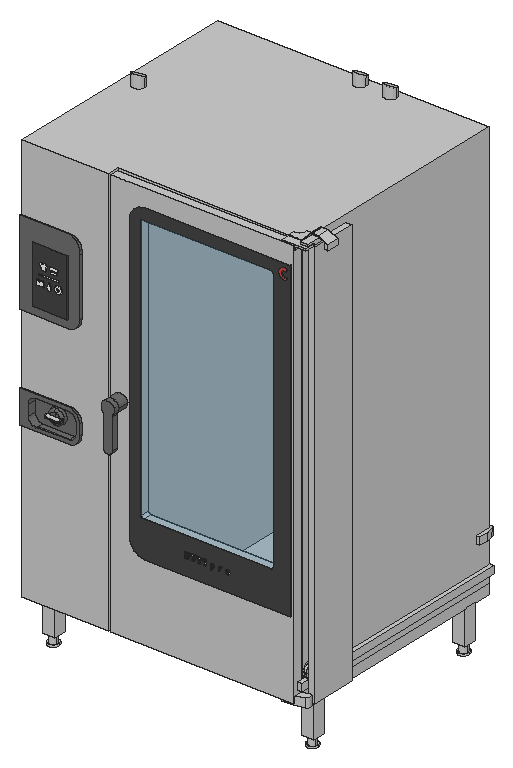
Revit family "QF_WELBILT-CONVOTHERM_CMX-PRO-ET-20-20-ES.240522042842", category Specialty Equipment, Revit 2020
Family settings
  Round Connector Dimension = Use Diameter
  Part Type = Normal
  OmniClass Number = 23.40.40.14
  OmniClass Title = Food Service Equipment
  Work Plane-Based = No
  Always vertical = Yes
  Cut with Voids When Loaded = No
  Shared = No
  Room Calculation Point = No
Parameters (values of type "CMX-PRO-ET-20-20-ES-DD_400V/3Ph/50Hz")
  Weight = 331.00 kg
  Waste Remarks [instance] = ""
  Volts = 400 V
  URL Cutsheet = ""
  URL = "www.convotherm.com"
  Status [instance] = ""
  Specification by User [instance] = ""
  Specification by Manufacturer [instance] = ""
  Serial Number = ""
  Seismic Rating = ""
  SMACNA No = ""
  Revision Code [instance] = ""
  Phase = 3
  Number of Poles = 1
  NAFEM Spec ID Number = ""
  Model = "CMX-PRO-ET-20-20-ES"
  Min Ckt Ampacity = 0 A
  Max Overcurrent Protection = 0 A
  Masterspec = ""
  Manufacturer = "WELBILT-CONVOTHERM"
  Length Actual = 1135 mm
  Item Number [instance] = ""
  Installed By [instance] = ""
  Indirect Waste Size = 25.4 mm
  Indirect Waste Connection Type [instance] = ""
  Indirect Waste Connection Height [instance] = 220 mm
  Identify Quantity as Lot [instance] = no
  Height Actual = 1934 mm
  HP power = ""
  Furnished By [instance] = ""
  Foodservice Equipment Identifier [instance] = no
  FL Amps = 97.3 A
  Electric power = 67300 W
  Electric Connection Type [instance] = ""
  Elec Conn RI Height [instance] = 0 mm
  Elec Conn Connection Height [instance] = 220 mm
  Direct Waste RI Height [instance] = 0 mm
  Description = "COMBI OVEN MAXX PRO EASYTOUCH 20 SHELVES GN 2/1 - DISAPPEARING DOOR - ELECTRIC INJECTION"
  Depth Actual = 1020 mm
  Default Elevation = 0 mm
  Cycle = 50 Hz
  Cost = 0
  Conn Plug = ""
  Conn Conduit = no
  Cold Water Temperature Recommended = 0 °C
  Cold Water Size = 19.05 mm
  Cold Water Flow = 0.0 L/s
  Cold Water Connection Height [instance] = 220 mm
  CSI MasterFormat = ""
  Apparent Power = 67300 VA
  Accessory = no
Reference planes
  plane 1 "Center (Front/Back)": y = 0
  plane 2: z = 0
  plane 3 "Center (Left/Right)": x = 0
Forms (mm)
  Extrusion 1, solid, not visible
    sketch origin (124, -600, 222) x (1, 0, 0) y (0, 1, 0)
      loop
        line (0, 0) -> (2, 0) -> (2, 2) -> (0, 2) -> (0, 0)
    from 0 to 2
  Extrusion 2, solid, not visible
    sketch origin (301, -405, 222) x (1, 0, 0) y (0, 1, 0)
      loop
        line (0, 0) -> (2, 0) -> (2, 2) -> (0, 2) -> (0, 0)
    from 0 to 2
  Extrusion 3, solid, not visible
    sketch origin (104, -362, 222) x (1, 0, 0) y (0, 1, 0)
      loop
        line (0, 0) -> (2, 0) -> (2, 2) -> (0, 2) -> (0, 0)
    from 0 to 2
Dimensions and locks
  aligned and locked: level to plane 2
Nested families
  nested 1: "QF_WELBILT-CONVOTHERM_CMX-PRO-ET-20-20-ES-DD_400V_3Ph_50Hz" at (0, 0, 0), type "CMX-PRO-ET-20-20-ES-DD_400V/3Ph/50Hz"
    with Show Logo yes, Show Clearance yes
Connectors
  electrical at (125, -599, 222), driven by "Apparent Power", driven by "Number of Poles", driven by "Volts"
    settings: on Extrusion 1, index 1, voltage 400 V, apparent load 0 VA, apparent load phase1 67300 VA, apparent load phase2 0 VA, apparent load phase3 0 VA, power factor 1, load classification "Other", number of poles 1, system type 31, power factor state 1, is connector primary yes, connector utility no, sub classification motor no, connector description "Electric connection for 'CMX-PRO-ET-20-20-ES'"
  piping at (302, -404, 222), diameter 25.4, driven by "Indirect Waste Size"
    settings: on Extrusion 2, index 2, connector inside diameter 609.6 mm, connector length 0 mm, flow factor 0, pipe flow 0.0 L/s, pressure drop 0.0 Pa, fitting loss kfactor 0, connector angle 0.00°, fixture units 0, engagement length 0 mm, angle of deflection 0.00°, flow configuration 1, flow direction 2, fitting loss method 0, system type 16, joint type 0, gender type 0, connector reference index -1, connector utility 0, adjustable connector no, is connector primary yes, connector description "Drain connection for 'CMX-PRO-ET-20-20-ES'"
  piping at (105, -361, 222), diameter 19.05, driven by "Cold Water Size", driven by "Cold Water Flow"
    settings: on Extrusion 3, index 3, connector inside diameter 609.6 mm, connector length 0 mm, flow factor 0, pipe flow 0.0 L/s, pressure drop 0.0 Pa, fitting loss kfactor 0, connector angle 0.00°, fixture units 0, engagement length 0 mm, angle of deflection 0.00°, flow configuration 1, flow direction 1, fitting loss method 0, system type 20, joint type 0, gender type 0, connector reference index -1, connector utility 0, adjustable connector no, is connector primary no, connector description "Cold Water connection for 'CMX-PRO-ET-20-20-ES'"
Definition of nested family "QF_WELBILT-CONVOTHERM_CMX-PRO-ET-20-20-ES-DD_400V_3Ph_50Hz"
  Parameters (values of type "CMX-PRO-ET-20-20-ES-DD_400V/3Ph/50Hz")
    URL = "www.convotherm.com"
    Show Logo [instance] = yes
    Show Clearance [instance] = yes
    Model = "CMX-PRO-ET-20-20-ES"
    Manufacturer = "WELBILT-CONVOTHERM"
    Description = "COMBI OVEN MAXX PRO EASYTOUCH 20 SHELVES GN 2/1 - DISAPPEARING DOOR - ELECTRIC INJECTION"
    Default Elevation = 0 mm
    Assembly Code = "E1090320"
  Types (2, lengths in mm): name | Model | Description
    CMX-PRO-ET-20-20-EB-DD | "CMX-PRO-ET-20-20-EB" | "COMBI OVEN MAXX PRO EASYTOUCH 20 SHELVES GN 2/1 - DISAPPEARING DOOR - ELECTRIC BOILER"
    CMX-PRO-ET-20-20-ES-DD_400V/3Ph/50Hz | "CMX-PRO-ET-20-20-ES" | "COMBI OVEN MAXX PRO EASYTOUCH 20 SHELVES GN 2/1 - DISAPPEARING DOOR - ELECTRIC INJECTION"
  Reference planes
    plane 1 "Back": y = 0
    plane 2: z = 0
    plane 3 "Left": x = 0
    plane 4 "Right": x = 1135
    plane 5 "Front": y = -1020
    plane 6 "Top": z = 1934
  Forms (mm)
    Extrusion 1, solid
      sketch origin (0, 0, 96) x (0, 1, 0) y (0, 0, 1)
        loop
          line (0, 1838) -> (-69, 1838) -> (-69, 126) -> (0, 126) -> (0, 1838)
      from 0 to 1135
    Extrusion 2, solid
      sketch origin (621, -433, 142.161) x (1, 0, 0) y (0, 0, 1)
        loop
          line (-250, 1791.839) -> (-250, 79.839) -> (514, 79.839) -> (514, 1791.839) -> (-250, 1791.839)
        loop
          arc (-115, 1670.132) -> (-122.071, 1667.203) -> (-125, 1660.132) r 10
          line (-125, 1660.132) -> (-125, 559.207)
          arc (-125, 559.207) -> (-122.071, 552.136) -> (-115, 549.207) r 10
          line (-115, 549.207) -> (419, 549.207)
          arc (419, 549.207) -> (426.071, 552.136) -> (429, 559.207) r 10
          line (429, 559.207) -> (429, 1660.132)
          arc (429, 1660.132) -> (426.071, 1667.203) -> (419, 1670.132) r 10
          line (419, 1670.132) -> (-115, 1670.132)
      from 550 to 587
    Extrusion 3, solid
      sketch origin (621, -423, 1162.455) x (1, 0, 0) y (0, 0, 1)
        loop
          arc (-115, 649.839) -> (-122.071, 646.91) -> (-125, 639.839) r 10
          line (-125, 639.839) -> (-125, -461.086)
          arc (-125, -461.086) -> (-122.071, -468.157) -> (-115, -471.086) r 10
          line (-115, -471.086) -> (419, -471.086)
          arc (419, -471.086) -> (426.071, -468.157) -> (429, -461.086) r 10
          line (429, -461.086) -> (429, 639.839)
          arc (429, 639.839) -> (426.071, 646.91) -> (419, 649.839) r 10
          line (419, 649.839) -> (-115, 649.839)
      from 560 to 597
    Extrusion 4, solid
      sketch origin (538.754, 250.154, 1299.45) x (1, 0, 0) y (0, 1, 0)
        loop
          circle (88.246, -288.147) r 25
      from 634.55 to 684.55
    Extrusion 5, solid, visible <- "Show Logo"
      sketch origin (608.278, -419.7, 1383.603) x (1, 0, 0) y (0, 0, 1)
        loop
          line (496.472, 442.836) -> (496.472, 452.836)
          arc (496.472, 452.836) -> (465.307, 432.836) -> (496.472, 412.836) r 22
          line (496.472, 412.836) -> (496.472, 422.836)
          arc (496.472, 422.836) -> (477.839, 432.836) -> (496.472, 442.836) r 12
      from 599 to 601
    Extrusion 6, void
      sketch origin (495, 28.007, 1307) x (0, 1, 0) y (0, 0, 1)
        loop
          line (-40.997, 682) -> (-101.661, 682) -> (-40.997, 653.55) -> (-40.997, 682)
      from 106.55 to 160
    Extrusion 7, solid
      sketch origin (0, -1022, 122) x (-1, 0, 0) y (0, 0, 1)
        loop
          line (0, 1812) -> (-361, 1812) -> (-361, 100) -> (0, 100) -> (0, 1812)
      from 2 to 49
    Extrusion 8, solid
      sketch origin (260, -1020.5, 1142.293) x (-1, 0, 0) y (0, 0, 1)
        loop
          line (-863, 715.8) -> (-863, -599.2) -> (-252.2, -599.2)
          arc (-252.2, -599.2) -> (-208.359, -581.041) -> (-190.2, -537.2) r 62
          line (-190.2, -537.2) -> (-190.2, 653.753)
          arc (-190.2, 653.753) -> (-208.373, 697.627) -> (-252.247, 715.8) r 62.047
          line (-252.247, 715.8) -> (-863, 715.8)
        loop
          arc (-780, 670) -> (-787.071, 667.071) -> (-790, 660) r 10
          line (-790, 660) -> (-790, -440.925)
          arc (-790, -440.925) -> (-787.071, -447.996) -> (-780, -450.925) r 10
          line (-780, -450.925) -> (-246, -450.925)
          arc (-246, -450.925) -> (-238.929, -447.996) -> (-236, -440.925) r 10
          line (-236, -440.925) -> (-236, 660)
          arc (-236, 660) -> (-238.929, 667.071) -> (-246, 670) r 10
          line (-246, 670) -> (-780, 670)
      from 0 to 2
    Extrusion 9, solid
      sketch origin (-428.638, -446.526, 1166.547) x (0, 0, 1) y (-1, 0, 0)
        loop
          line (406.44, -478.638) -> (166.44, -478.638) -> (166.44, -623.042) -> (406.44, -623.042) -> (406.44, -478.638)
      from 580.124 to 582.124
    Extrusion 10, solid
      sketch origin (-39.218, -1026.85, -393.128) x (0, 0, -1) y (1, 0, 0)
        loop
          circle (-1823.457, 196.933) r 15
        loop
          circle (-1823.457, 196.933) r 5
        loop
          line (-1832, 105.461) -> (-1812, 105.461)
          arc (-1812, 105.461) -> (-1814.476, 112.961) -> (-1812, 120.461) r 12.599
          arc (-1812, 120.461) -> (-1814.331, 127.961) -> (-1812, 135.461) r 13.23
          line (-1812, 135.461) -> (-1832, 135.461)
          arc (-1832, 135.461) -> (-1833.917, 127.433) -> (-1829.5, 120.461) r 10.608
          arc (-1829.5, 120.461) -> (-1833.694, 113.452) -> (-1832, 105.461) r 11.176
        loop
          line (-1886.763, 126.478) -> (-1874.888, 126.478) -> (-1874.888, 143.353) -> (-1886.763, 143.353)
          arc (-1886.763, 143.353) -> (-1899.276, 145.695) -> (-1897.911, 133.038) r 7.931
          arc (-1897.911, 133.038) -> (-1896.65, 122.428) -> (-1886.763, 126.478) r 6.712
        loop
          line (-1897.084, 162.209) -> (-1887.084, 162.209) -> (-1887.084, 194.695) -> (-1897.084, 194.695) -> (-1897.084, 162.209)
        loop
          line (-1881.943, 166.339) -> (-1874.888, 166.339) -> (-1874.888, 189.464) -> (-1881.943, 189.464) -> (-1881.943, 166.339)
        loop
          line (-1857.166, 113.206) -> (-1852.166, 113.206) -> (-1852.166, 198.206) -> (-1857.166, 198.206) -> (-1857.166, 113.206)
        loop
          line (-1837.069, 158.906) -> (-1821.106, 151.462)
          arc (-1821.106, 151.462) -> (-1809.423, 158.906) -> (-1821.106, 166.349) r 8.213
          line (-1821.106, 166.349) -> (-1837.069, 158.906)
      from 0 to 2
    Extrusion 11, solid
      sketch origin (-21.246, -207.853, 1299.45) x (1, 0, 0) y (0, 1, 0)
        loop
          circle (88.246, -288.147) r 25
      from 634.55 to 684.55
    Extrusion 12, void
      sketch origin (-65, -430, 1307) x (0, 1, 0) y (0, 0, 1)
        loop
          line (-40.997, 682) -> (-101.661, 682) -> (-40.997, 653.55) -> (-40.997, 682)
      from 106.55 to 160
    Extrusion 13, solid, visible <- "Show Clearance", detail levels coarse
      sketch origin (259, -226, 122) x (1, 0, 0) y (0, 1, 0)
        loop
          line (876, -794) -> (112, -794)
          arc (112, -794) -> (335.77, -1334.23) -> (876, -1558) r 764
          line (876, -1558) -> (876, -794)
      from 100 to 1812
    Extrusion 14, solid, visible <- "Show Clearance", detail levels coarse
      sketch origin (0, 0, 1020.837) x (1, 0, 0) y (0, 1, 0)
        loop
          line (1185, 50) -> (-50, 50) -> (-50, -1020) -> (0, -1020) -> (0, 0) -> (1135, 0) -> (1135, -1020) -> (1185, -1020) -> (1185, 50)
      from -1020.837 to 913.163
    Extrusion 15, solid
      sketch origin (401.711, -455, 812.309) x (1, 0, 0) y (0, 0, 1)
        loop
          arc (-10.176, 136.991) -> (9.289, 117.635) -> (28.753, 136.991) r 19.465
          line (28.753, 136.991) -> (28.753, 265.447)
          arc (28.753, 265.447) -> (29.337, 268.813) -> (31.019, 271.786) r 9.998
          arc (31.019, 271.786) -> (9.289, 317.699) -> (-12.442, 271.786) r 28.099
          arc (-12.442, 271.786) -> (-10.759, 268.813) -> (-10.176, 265.447) r 9.998
          line (-10.176, 265.447) -> (-10.176, 136.991)
      from 611 to 630
    Extrusion 16, solid
      sketch origin (376.711, -428, 809.017) x (1, 0, 0) y (0, 0, 1)
        loop
          circle (34.289, 292.891) r 28.099
      from 592 to 638
    Extrusion 17, solid
      sketch origin (0, -1022.2, 962.518) x (-1, 0, 0) y (0, 0, 1)
        loop
          line (4, 692) -> (-199.45, 692)
          arc (-199.45, 692) -> (-233.073, 678.073) -> (-247, 644.45) r 47.55
          line (-247, 644.45) -> (-247, 632) -> (-247, 386.55)
          arc (-247, 386.55) -> (-233.073, 352.927) -> (-199.45, 339) r 47.55
          line (-199.45, 339) -> (4, 339) -> (4, 692)
      from -5.45 to 30.55
    Extrusion 18, solid, visible <- "Show Logo"
      sketch origin (151.074, -1021, 492.827) x (-1, 0, 0) y (0, 0, 1)
        loop
          line (-528.137, 127.552) -> (-530.011, 127.552) -> (-530.348, 126.074)
          arc (-530.348, 126.074) -> (-533.867, 127.761) -> (-537.387, 126.074) r 4.515
          arc (-537.387, 126.074) -> (-541.947, 127.505) -> (-544.743, 123.629) r 4.084
          line (-544.743, 123.629) -> (-544.743, 116.284) -> (-542.349, 116.284) -> (-542.349, 123.232)
          arc (-542.349, 123.232) -> (-539.99, 125.59) -> (-537.632, 123.232) r 2.358
          line (-537.632, 123.232) -> (-537.632, 116.284) -> (-535.228, 116.284) -> (-535.228, 123.232)
          arc (-535.228, 123.232) -> (-532.879, 125.58) -> (-530.531, 123.232) r 2.348
          line (-530.531, 123.232) -> (-530.531, 116.284) -> (-528.137, 116.284) -> (-528.137, 127.552)
        loop
          arc (-560.96, 126.777) -> (-563.601, 127.667) -> (-566.387, 127.637) r 8.338
          arc (-566.387, 127.637) -> (-568.587, 126.318) -> (-569.365, 123.874) r 3.628
          line (-569.365, 123.874) -> (-569.365, 116.284) -> (-567.653, 116.284) -> (-567.175, 117.853)
          arc (-567.175, 117.853) -> (-565.463, 116.5) -> (-563.335, 116.017) r 4.933
          arc (-563.335, 116.017) -> (-560.862, 117.042) -> (-559.838, 119.515) r 3.498
          arc (-559.838, 119.515) -> (-560.769, 121.724) -> (-562.869, 122.881) r 3.655
          arc (-562.869, 122.881) -> (-564.937, 123.13) -> (-567.021, 123.172) r 20.914
          arc (-567.021, 123.172) -> (-566.618, 125.022) -> (-564.92, 125.86) r 2.182
          arc (-564.92, 125.86) -> (-563.277, 125.666) -> (-561.734, 125.066) r 6.53
          line (-561.734, 125.066) -> (-560.96, 126.777)
        loop
          line (-566.971, 121.663) -> (-566.971, 120.653)
          arc (-566.971, 120.653) -> (-565.555, 118.263) -> (-562.778, 118.357) r 2.725
          arc (-562.778, 118.357) -> (-562.249, 119.77) -> (-563.061, 121.043) r 1.69
          arc (-563.061, 121.043) -> (-563.851, 121.394) -> (-564.704, 121.544) r 3.557
          line (-564.704, 121.544) -> (-566.971, 121.663)
        loop
          line (-583.952, 127.552) -> (-586.682, 127.552) -> (-589.25, 123.609) -> (-591.837, 127.552) -> (-594.547, 127.552) -> (-590.757, 122.04) -> (-594.741, 116.284) -> (-592.031, 116.284) -> (-589.25, 120.502) -> (-586.479, 116.284) -> (-583.769, 116.284) -> (-587.732, 122.04) -> (-583.952, 127.552)
        loop
          line (-607.963, 127.552) -> (-610.693, 127.552) -> (-613.26, 123.609) -> (-615.848, 127.552) -> (-618.558, 127.552) -> (-614.768, 122.04) -> (-618.752, 116.284) -> (-616.042, 116.284) -> (-613.26, 120.502) -> (-610.489, 116.284) -> (-607.779, 116.284) -> (-611.742, 122.04) -> (-607.963, 127.552)
        loop
          line (-636.435, 132.059) -> (-639.145, 132.059) -> (-639.689, 130.03)
          arc (-639.689, 130.03) -> (-644.361, 132.339) -> (-649.091, 130.15) r 6.037
          arc (-649.091, 130.15) -> (-650.678, 124.151) -> (-649.091, 118.152) r 12.127
          arc (-649.091, 118.152) -> (-644.439, 115.999) -> (-639.787, 118.152) r 6.101
          line (-639.787, 118.152) -> (-639.787, 109.266) -> (-636.435, 109.266) -> (-636.435, 132.059)
        loop
          arc (-640.707, 128.436) -> (-643.521, 129.607) -> (-646.244, 128.239) r 3.656
          arc (-646.244, 128.239) -> (-647.304, 124.134) -> (-646.244, 120.028) r 8.478
          arc (-646.244, 120.028) -> (-643.478, 118.728) -> (-640.707, 120.019) r 3.605
          arc (-640.707, 120.019) -> (-639.746, 124.228) -> (-640.707, 128.436) r 9.697
        loop
          line (-672.161, 132.059) -> (-674.786, 132.059) -> (-675.228, 129.277)
          arc (-675.228, 129.277) -> (-678.007, 131.919) -> (-681.831, 132.201) r 5.699
          line (-681.831, 132.201) -> (-681.499, 129.039)
          arc (-681.499, 129.039) -> (-677.382, 128.276) -> (-675.513, 124.528) r 4.693
          line (-675.513, 124.528) -> (-675.513, 116.284) -> (-672.161, 116.284) -> (-672.161, 132.059)
        loop
          arc (-701.668, 128.856) -> (-708.102, 132.336) -> (-714.536, 128.856) r 7.688
          arc (-714.536, 128.856) -> (-715.716, 123.509) -> (-713.81, 118.375) r 9.693
          arc (-713.81, 118.375) -> (-708.258, 115.93) -> (-702.705, 118.375) r 7.526
          arc (-702.705, 118.375) -> (-700.886, 123.487) -> (-701.668, 128.856) r 11.265
        loop
          arc (-705.156, 128.208) -> (-708.205, 129.601) -> (-711.253, 128.208) r 4.032
          arc (-711.253, 128.208) -> (-712.176, 124.281) -> (-711.253, 120.354) r 8.822
          arc (-711.253, 120.354) -> (-708.251, 118.678) -> (-705.156, 120.174) r 3.725
          arc (-705.156, 120.174) -> (-704.233, 124.191) -> (-705.156, 128.208) r 9.2
        loop
          arc (-532.682, 137.519) -> (-530.724, 137.866) -> (-529.296, 136.484) r 2.184
          arc (-529.296, 136.484) -> (-529.141, 134.97) -> (-529.666, 133.541) r 3.38
          arc (-529.666, 133.541) -> (-531.195, 132.902) -> (-532.824, 133.209) r 2.886
          line (-532.824, 133.209) -> (-532.824, 132.27)
          arc (-532.824, 132.27) -> (-530.712, 132.004) -> (-528.755, 132.842) r 4.064
          arc (-528.755, 132.842) -> (-527.999, 134.996) -> (-528.348, 137.252) r 4.701
          arc (-528.348, 137.252) -> (-530.48, 138.773) -> (-533.076, 138.431) r 3.573
          line (-533.076, 138.431) -> (-532.682, 137.519)
        loop
          arc (-537.479, 137.982) -> (-539.805, 138.908) -> (-542.133, 137.986) r 3.392
          arc (-542.133, 137.986) -> (-542.922, 135.429) -> (-542.133, 132.872) r 4.538
          arc (-542.133, 132.872) -> (-539.818, 131.941) -> (-537.495, 132.853) r 3.378
          arc (-537.495, 132.853) -> (-536.706, 135.415) -> (-537.479, 137.982) r 4.603
        loop
          arc (-538.327, 137.294) -> (-539.797, 137.948) -> (-541.273, 137.306) r 1.999
          arc (-541.273, 137.306) -> (-541.786, 135.426) -> (-541.273, 133.546) r 3.701
          arc (-541.273, 133.546) -> (-539.8, 132.933) -> (-538.327, 133.544) r 2.078
          arc (-538.327, 133.544) -> (-537.877, 135.419) -> (-538.327, 137.294) r 4.129
        loop
          line (-547.292, 138.766) -> (-548.621, 138.766) -> (-551.871, 133.511) -> (-551.871, 138.766) -> (-552.875, 138.766) -> (-552.875, 132.063) -> (-551.532, 132.063) -> (-548.286, 137.265) -> (-548.286, 132.063) -> (-547.292, 132.063) -> (-547.292, 138.766)
        loop
          line (-556.671, 138.766) -> (-557.799, 138.766) -> (-559.583, 133.448) -> (-561.375, 138.766) -> (-562.512, 138.766) -> (-560.164, 132.063) -> (-559.009, 132.063) -> (-556.671, 138.766)
        loop
          arc (-566.711, 137.982) -> (-569.038, 138.908) -> (-571.366, 137.986) r 3.392
          arc (-571.366, 137.986) -> (-572.155, 135.429) -> (-571.366, 132.872) r 4.538
          arc (-571.366, 132.872) -> (-569.051, 131.941) -> (-566.727, 132.853) r 3.378
          arc (-566.727, 132.853) -> (-565.939, 135.415) -> (-566.711, 137.982) r 4.603
        loop
          arc (-567.56, 137.294) -> (-569.03, 137.948) -> (-570.505, 137.306) r 1.999
          arc (-570.505, 137.306) -> (-571.019, 135.426) -> (-570.505, 133.546) r 3.701
          arc (-570.505, 133.546) -> (-569.033, 132.933) -> (-567.56, 133.544) r 2.078
          arc (-567.56, 133.544) -> (-567.109, 135.419) -> (-567.56, 137.294) r 4.129
        loop
          line (-577.456, 137.826) -> (-575.485, 137.826) -> (-575.485, 138.766) -> (-580.523, 138.766) -> (-580.523, 137.826) -> (-578.552, 137.826) -> (-578.552, 132.063) -> (-577.456, 132.063) -> (-577.456, 137.826)
        loop
          line (-584.461, 138.766) -> (-585.556, 138.766) -> (-585.556, 136.024) -> (-588.646, 136.024) -> (-588.646, 138.766) -> (-589.747, 138.766) -> (-589.747, 132.063) -> (-588.646, 132.063) -> (-588.646, 135.084) -> (-585.556, 135.084) -> (-585.556, 132.063) -> (-584.461, 132.063) -> (-584.461, 138.766)
        loop
          line (-598.044, 136.015) -> (-598.044, 135.098) -> (-595.518, 135.098) -> (-595.518, 132.994) -> (-598.214, 132.994) -> (-598.214, 132.063) -> (-594.423, 132.063) -> (-594.423, 138.766) -> (-598.214, 138.766) -> (-598.214, 137.84) -> (-595.518, 137.84) -> (-595.518, 136.015) -> (-598.044, 136.015)
        loop
          line (-602.573, 138.766) -> (-604.466, 138.766)
          arc (-604.466, 138.766) -> (-605.459, 138.644) -> (-606.393, 138.285) r 4.104
          arc (-606.393, 138.285) -> (-606.983, 136.462) -> (-605.709, 135.029) r 1.929
          line (-605.709, 135.029) -> (-607.602, 132.063) -> (-606.355, 132.063) -> (-604.751, 134.741) -> (-603.669, 134.741) -> (-603.669, 132.063) -> (-602.573, 132.063) -> (-602.573, 138.766)
        loop
          line (-603.669, 137.84) -> (-604.805, 137.84)
          arc (-604.805, 137.84) -> (-605.901, 136.744) -> (-604.805, 135.648) r 1.096
          line (-604.805, 135.648) -> (-603.669, 135.648) -> (-603.669, 137.84)
        loop
          line (-611.485, 138.766) -> (-613.03, 138.766) -> (-614.905, 133.395) -> (-616.835, 138.766) -> (-618.384, 138.766) -> (-618.384, 132.063) -> (-617.33, 132.063) -> (-617.33, 137.563) -> (-615.349, 132.063) -> (-614.382, 132.063) -> (-612.48, 137.543) -> (-612.48, 132.063) -> (-611.485, 132.063) -> (-611.485, 138.766)
      from 0 to 2
    Extrusion 19, solid
      sketch origin (0, -792, 222) x (-1, 0, 0) y (0, 0, 1)
        loop
          line (0, 1712) -> (-1135, 1712) -> (-1135, 0) -> (0, 0) -> (0, 1712)
        loop
          line (-411, 1672) -> (-1095, 1672) -> (-1095, 40) -> (-411, 40) -> (-411, 1672)
      from -181 to 723
    Extrusion 20, solid
      sketch origin (60, -1022.2, 528.196) x (-1, 0, 0) y (0, 0, 1)
        loop
          line (64, 479) -> (-139.45, 479)
          arc (-139.45, 479) -> (-173.073, 465.073) -> (-187, 431.45) r 47.55
          line (-187, 431.45) -> (-187, 386.55)
          arc (-187, 386.55) -> (-173.073, 352.927) -> (-139.45, 339) r 47.55
          line (-139.45, 339) -> (64, 339) -> (64, 479)
        loop
          line (-4.55, 464) -> (-139.45, 464)
          arc (-139.45, 464) -> (-162.466, 454.466) -> (-172, 431.45) r 32.55
          line (-172, 431.45) -> (-172, 386.55)
          arc (-172, 386.55) -> (-162.466, 363.534) -> (-139.45, 354) r 32.55
          line (-139.45, 354) -> (-4.55, 354)
          arc (-4.55, 354) -> (18.466, 363.534) -> (28, 386.55) r 32.55
          line (28, 386.55) -> (28, 431.45)
          arc (28, 431.45) -> (18.466, 454.466) -> (-4.55, 464) r 32.55
      from -5.45 to 30.55
    Extrusion 21, void
      sketch origin (0, -1032.65, 220) x (-1, 0, 0) y (0, 0, 1)
        loop
          line (-64.55, 774.196) -> (-199.45, 774.196)
          arc (-199.45, 774.196) -> (-223.881, 764.076) -> (-234, 739.646) r 34.55
          line (-234, 739.646) -> (-234, 694.746)
          arc (-234, 694.746) -> (-223.881, 670.315) -> (-199.45, 660.196) r 34.55
          line (-199.45, 660.196) -> (-64.55, 660.196)
          arc (-64.55, 660.196) -> (-40.119, 670.315) -> (-30, 694.746) r 34.55
          line (-30, 694.746) -> (-30, 739.646)
          arc (-30, 739.646) -> (-40.119, 764.076) -> (-64.55, 774.196) r 34.55
      from 0 to 41
    Revolve 22, solid
      sketch origin (132, -213, 187) x (0, 1, 0) y (0, 0, 1)
        loop
          line (-800.65, 771.095) -> (-800.65, 750.196) -> (-780.65, 750.196) -> (-780.65, 782.804) -> (-792.214, 780.972)
          arc (-792.214, 780.972) -> (-798.254, 777.59) -> (-800.65, 771.095) r 10
        axis (-780.65, 750.196) -> (-800.65, 750.196)
      angle from 0 to 360
    Extrusion 23, solid
      sketch origin (60, -988.2, 513.196) x (-1, 0, 0) y (0, 0, 1)
        loop
          line (-4.55, 479) -> (-139.45, 479)
          arc (-139.45, 479) -> (-162.466, 469.466) -> (-172, 446.45) r 32.55
          line (-172, 446.45) -> (-172, 401.55)
          arc (-172, 401.55) -> (-162.466, 378.534) -> (-139.45, 369) r 32.55
          line (-139.45, 369) -> (-4.55, 369)
          arc (-4.55, 369) -> (18.466, 378.534) -> (28, 401.55) r 32.55
          line (28, 401.55) -> (28, 446.45)
          arc (28, 446.45) -> (18.466, 469.466) -> (-4.55, 479) r 32.55
      from -5.45 to -3.45
    Extrusion 24, solid
      sketch origin (102, -228.026, 187) x (0, 1, 0) y (0, 0, 1)
        loop
          circle (-793.65, 750.196) r 8
      from 0 to 60
    Revolve 25, solid
      sketch origin (102, -1021.676, 187) x (-1, 0, 0) y (0, 0, 1)
        loop
          line (-60, 750.196) -> (-60, 758.196)
          arc (-60, 758.196) -> (-61.414, 757.61) -> (-62, 756.196) r 2
          line (-62, 756.196) -> (-62, 750.196) -> (-60, 750.196)
        axis (-60, 750.196) -> (-62, 750.196)
      angle from 0 to 360
    Revolve 26, solid
      sketch origin (162, -1021.676, 187) x (1, 0, 0) y (0, 0, -1)
        loop
          line (-60, -750.196) -> (-62, -750.196) -> (-62, -756.196)
          arc (-62, -756.196) -> (-61.414, -757.61) -> (-60, -758.196) r 2
          line (-60, -758.196) -> (-60, -750.196)
        axis (-60, -750.196) -> (-62, -750.196)
      angle from 0 to 360
    Extrusion 27, solid
      sketch origin (665.754, 250.154, 1299.45) x (1, 0, 0) y (0, 1, 0)
        loop
          circle (88.246, -288.147) r 25
      from 634.55 to 684.55
    Extrusion 28, void
      sketch origin (622, 28.007, 1307) x (0, 1, 0) y (0, 0, 1)
        loop
          line (-40.997, 682) -> (-101.661, 682) -> (-40.997, 653.55) -> (-40.997, 682)
      from 106.55 to 160
    Extrusion 29, solid
      sketch origin (260, -1019.75, 976) x (-1, 0, 0) y (0, 0, 1)
        loop
          line (-815.5, 958) -> (-815.5, 961) -> (-872, 961) -> (-892.891, 985.896) -> (-925.376, 985.896) -> (-965.082, 967.381) -> (-965.082, 944.661) -> (-949.941, 944.661) -> (-949.941, 971.131) -> (-924.711, 982.896) -> (-894.29, 982.896) -> (-873.399, 958) -> (-815.5, 958)
      from 47 to 116.999
    Extrusion 30, solid
      sketch origin (260, -227.75, 222) x (0, 1, 0) y (0, 0, 1)
        loop
          line (-547.75, 1702.3) -> (-741.75, 1702.3) -> (-741.75, -6.7) -> (-547.75, -6.7) -> (-547.75, 1702.3)
      from 898.5 to 920.5
    Extrusion 31, solid
      sketch origin (260, -275, 222) x (0, 1, 0) y (0, 0, 1)
        loop
          line (275, 75) -> (-729, 75) -> (-729, 45) -> (275, 45) -> (275, 75)
      from 880 to 895
    Extrusion 32, solid
      sketch origin (260, 0, 222) x (1, 0, 0) y (0, 1, 0)
        loop
          line (875, -70.5) -> (895, -70.5) -> (895, -32.5) -> (889.343, -0.416)
          arc (889.343, -0.416) -> (885.239, 6.693) -> (877.525, 9.5) r 12
          line (877.525, 9.5) -> (862, 9.5) -> (862, 0) -> (875, 0) -> (875, -70.5)
      from 182.6 to 212.6
    Extrusion 33, solid
      sketch origin (260, -1019.75, 976) x (-1, 0, 0) y (0, 0, 1)
        loop
          line (-824, 958) -> (-824, 964) -> (-924, 964) -> (-924, 958) -> (-880, 958) -> (-880, 944.5) -> (-875, 944.5) -> (-875, 958) -> (-824, 958)
      from 2 to 36.25
    Extrusion 34, solid
      sketch origin (260, -227.75, 976) x (0, 1, 0) y (0, 0, 1)
        loop
          line (-741.75, 968.3) -> (-741.75, 958) -> (-675.001, 958) -> (-675.001, 974.3) -> (-779.75, 974.3) -> (-779.75, 968.3) -> (-741.75, 968.3)
      from 894 to 924.046
    Extrusion 35, solid
      sketch origin (260, -227.75, 976) x (1, 0, 0) y (0, 1, 0)
        loop
          line (920.5, -741.75) -> (920.5, -670.75) -> (900.751, -670.75) -> (900.751, -725) -> (875, -725) -> (875, -741.75) -> (920.5, -741.75)
      from 948.3 to 958
    Extrusion 36, solid
      sketch origin (260, -227.75, 976) x (1, 0, 0) y (0, 1, 0)
        loop
          circle (909, -766.875) r 5
      from 964 to 968.3
    Revolve 37, solid
      sketch origin (260, -377.75, 317.8) x (1, 0, 0) y (0, 1, 0)
        loop
          line (898.5, -569.75) -> (898.5, -549.75) -> (895.6, -549.75) -> (895.6, -554.75) -> (893.25, -554.75) -> (893.25, -542.25) -> (891.25, -542.25) -> (891.25, -546.65) -> (876.25, -546.65) -> (876.25, -542.25) -> (875, -542.25) -> (875, -569.75) -> (898.5, -569.75)
        axis (875, -569.75) -> (898.5, -569.75)
      angle from 0 to 360
    Extrusion 38, solid
      sketch origin (260, -227.75, 222) x (1, 0, 0) y (0, 1, 0)
        loop
          line (824, -757.5) -> (824, -790) -> (875, -790) -> (913.123, -778.129)
          arc (913.123, -778.129) -> (922.516, -761.254) -> (906.118, -751.05) r 14.002
          line (906.118, -751.05) -> (875, -757.5) -> (824, -757.5)
      from -8 to 28.2
    Revolve 39, solid
      sketch origin (260, -227.75, 241.3) x (1, 0, 0) y (0, 1, 0)
        loop
          line (898.5, -569.75) -> (898.5, -549.75) -> (895.6, -549.75) -> (895.6, -554.75) -> (893.25, -554.75) -> (893.25, -542.25) -> (891.25, -542.25) -> (891.25, -546.65) -> (876.25, -546.65) -> (876.25, -542.25) -> (875, -542.25) -> (875, -569.75) -> (898.5, -569.75)
        axis (875, -569.75) -> (898.5, -569.75)
      angle from 0 to 360
    Extrusion 40, solid
      sketch origin (260, -792, 222) x (-1, 0, 0) y (0, 0, 1)
        loop
          line (-880, 69) -> (-880, 51) -> (-875, 51) -> (-875, 69) -> (-880, 69)
      from 727.62 to 745.62
    Extrusion 41, solid
      sketch origin (260, -1180.25, 222) x (-1, 0, 0) y (0, 0, 1)
        loop
          line (-880, 69) -> (-880, 51) -> (-875, 51) -> (-875, 69) -> (-880, 69)
      from 727.62 to 745.62
    Extrusion 42, solid
      sketch origin (260, -1340.75, 222) x (-1, 0, 0) y (0, 0, 1)
        loop
          line (-880, 69) -> (-880, 51) -> (-875, 51) -> (-875, 69) -> (-880, 69)
      from 727.62 to 745.62
    Extrusion 43, solid
      sketch origin (260, -1501.25, 222) x (-1, 0, 0) y (0, 0, 1)
        loop
          line (-880, 69) -> (-880, 51) -> (-875, 51) -> (-875, 69) -> (-880, 69)
      from 727.62 to 745.62
    Extrusion 44, solid
      sketch origin (260, -1661.75, 222) x (-1, 0, 0) y (0, 0, 1)
        loop
          line (-880, 69) -> (-880, 51) -> (-875, 51) -> (-875, 69) -> (-880, 69)
      from 727.62 to 745.62
    Extrusion 45, void
      sketch origin (-215, 0, 222) x (1, 0, 0) y (0, 1, 0)
        loop
          line (1346.828, -914.75) -> (1367.161, -902.751) -> (1440.082, -902.751) -> (1440.082, -892.751) -> (1290.5, -892.751) -> (1290.5, -947.75) -> (1305.5, -947.75)
          arc (1305.5, -947.75) -> (1316.107, -943.357) -> (1320.5, -932.75) r 15
          line (1320.5, -932.75) -> (1320.5, -914.75) -> (1346.828, -914.75)
        loop
          line (1440.082, -952.75) -> (1368.235, -952.75) -> (1345.756, -972.75) -> (1440.082, -972.75) -> (1440.082, -952.75)
      from 1698.5 to 1739.896
    Extrusion 46, solid
      sketch origin (1076, -227.784, 0) x (-1, 0, 0) y (0, 0, 1)
        loop
          line (-7, 182) -> (-59, 182) -> (-59, 40) -> (-7, 40) -> (-7, 182)
      from 102.784 to 154.784
    Extrusion 47, solid
      sketch origin (0, 0, -8) x (1, 0, 0) y (0, 1, 0)
        loop
          line (0, 0) -> (0, -915) -> (492, -915) -> (492, -52) -> (1083, -52) -> (1083, -915) -> (1135, -915) -> (1135, 0) -> (0, 0)
        loop
          line (52, -863) -> (452, -863) -> (452, -52) -> (52, -52) -> (52, -863)
      from 190 to 230
    Extrusion 48, solid
      sketch origin (-7, -227.784, 0) x (-1, 0, 0) y (0, 0, 1)
        loop
          line (-7, 182) -> (-59, 182) -> (-59, 40) -> (-7, 40) -> (-7, 182)
      from 102.784 to 154.784
    Extrusion 49, solid
      sketch origin (1076, -1017.784, 0) x (-1, 0, 0) y (0, 0, 1)
        loop
          line (-7, 182) -> (-59, 182) -> (-59, 40) -> (-7, 40) -> (-7, 182)
      from 102.784 to 154.784
    Extrusion 50, solid
      sketch origin (-7, -1017.784, 0) x (-1, 0, 0) y (0, 0, 1)
        loop
          line (-7, 182) -> (-59, 182) -> (-59, 40) -> (-7, 40) -> (-7, 182)
      from 102.784 to 154.784
    Extrusion 51, solid
      sketch origin (0, 0, -10) x (1, 0, 0) y (0, 1, 0)
        loop
          circle (26, -99) r 15
      from 15 to 50
    Extrusion 52, solid
      sketch origin (55, 0, -10) x (1, 0, 0) y (0, 1, 0)
        loop
          circle (-29.331, -99.1) r 23
      from 10 to 15
    Extrusion 53, solid
      sketch origin (1083, 0, -10) x (1, 0, 0) y (0, 1, 0)
        loop
          circle (26, -99) r 15
      from 15 to 50
    Extrusion 54, solid
      sketch origin (1138, 0, -10) x (1, 0, 0) y (0, 1, 0)
        loop
          circle (-29.331, -99.1) r 23
      from 10 to 15
    Extrusion 55, solid
      sketch origin (0, -790, -10) x (1, 0, 0) y (0, 1, 0)
        loop
          circle (26, -99) r 15
      from 15 to 50
    Extrusion 56, solid
      sketch origin (55, -790, -10) x (1, 0, 0) y (0, 1, 0)
        loop
          circle (-29.331, -99.1) r 23
      from 10 to 15
    Extrusion 57, solid
      sketch origin (1083, -790, -10) x (1, 0, 0) y (0, 1, 0)
        loop
          circle (26, -99) r 15
      from 15 to 50
    Extrusion 58, solid
      sketch origin (1138, -790, -10) x (1, 0, 0) y (0, 1, 0)
        loop
          circle (-29.331, -99.1) r 23
      from 10 to 15
  Cuts and joins
    Extrusion 6, Extrusion 12, Extrusion 28 cuts Extrusion 4
    joined: Extrusion 15, Extrusion 16
    Extrusion 21 cuts Extrusion 7
    joined: Extrusion 1, Extrusion 7, Extrusion 19
    Extrusion 28 cuts Extrusion 27
    Extrusion 12 cuts Extrusion 11
    Extrusion 45 cuts Extrusion 29
  Lines and regions (mm)
    symbolic lines
      curve 1: line (1135, 0, 0) -> (0, 0, 0)
      curve 2: line (0, 0, 0) -> (0, -1020, 0)
      curve 3: circle (67, -495.972, 0) r 25 normal (0, 0, 1)
      curve 4: circle (627, -37.965, 0) r 25 normal (0, 0, 1)
      curve 5: line (1135, 0, 0) -> (1135, -1020, 0)
      curve 6: line (1135, -1020, 0) -> (0, -1020, 0)
      curve 7: line (382.949, -1085, 0) -> (439.051, -1085, 0)
      curve 8: line (439.051, -1085, 0) -> (439.051, -1020, 0)
      curve 9: line (382.949, -1085, 0) -> (382.949, -1020, 0)
      curve 10: line (361, -1020, 0) -> (361, -973, 0)
      curve 11: line (361, -973, 0) -> (1135, -973, 0)
      curve 17: line (-4, -991.65, 0) -> (0, -991.65, 0)
      curve 18: line (-4, -991.65, 0) -> (-4, -1027.65, 0)
      curve 19: line (-4, -1027.65, 0) -> (247, -1027.65, 0)
      curve 20: line (247, -1027.65, 0) -> (247, -1020, 0)
      curve 21: line (371, -973, 0) -> (371, -1020, 0)
      curve 25: circle (754, -37.965, 0) r 25 normal (0, 0, 1)
      curve 27: line (1155, 0, 0) -> (1155, -902.751, 0)
      curve 28: line (1122, 0, 0) -> (1122, 9.5, 0)
      curve 29: line (1122, 9.5, 0) -> (1137.525, 9.5, 0)
      curve 30: arc (1149.262, 0, 0) -> (1145.075, 6.827, 0) -> (1137.525, 9.5, 0) r 12
      curve 31: line (1155, -32.5, 0) -> (1149.343, -0.416, 0)
      curve 32: line (1155, 0, 0) -> (1149.262, 0, 0)
      curve 33: line (1155, -70.5, 0) -> (1135, -70.5, 0)
      curve 34: line (1225.082, -902.751, 0) -> (1225.082, -952.75, 0)
      curve 35: line (1225.082, -952.75, 0) -> (1153.235, -952.75, 0)
      curve 36: line (1153.235, -952.75, 0) -> (1130.476, -973, 0)
      curve 37: line (1075.5, -947.75, 0) -> (1075.5, -973, 0)
      curve 38: line (1075.5, -947.75, 0) -> (1090.5, -947.75, 0)
      curve 39: arc (1090.5, -947.75, 0) -> (1101.107, -943.357, 0) -> (1105.5, -932.75, 0) r 15
      curve 40: line (1105.5, -932.75, 0) -> (1105.5, -914.75, 0)
      curve 41: line (1105.5, -914.75, 0) -> (1131.828, -914.75, 0)
      curve 42: line (1131.828, -914.75, 0) -> (1152.161, -902.751, 0)
      curve 43: line (1225.082, -902.751, 0) -> (1152.161, -902.751, 0)
      curve 44: line (1154, -1007.5, 0) -> (1184.046, -1007.5, 0)
      curve 45: line (1154, -1007.5, 0) -> (1154, -952.75, 0)
      curve 46: line (1184.046, -952.75, 0) -> (1184.046, -1017.75, 0)
      curve 47: line (1184.046, -1017.75, 0) -> (1084, -1017.75, 0)
      curve 48: line (1084, -1017.75, 0) -> (1084, -983.5, 0)
      curve 49: line (1084, -983.5, 0) -> (1154, -983.5, 0)
    symbolic lines, visible <- "Show Clearance"
      curve 12: line (1135, -1020, 0) -> (1135, -1784, 0)
      curve 13: line (-50, -1020, 0) -> (-50, 50, 0)
      curve 14: line (-50, 50, 0) -> (1185, 50, 0)
      curve 15: line (1185, -1020, 0) -> (1185, 50, 0)
      curve 16: line (1092, -1020, 0) -> (1092, -1782.789, 0)
      curve 22: line (1200, -1773, 0) -> (1200, -1716.897, 0)
      curve 23: line (1200, -1716.897, 0) -> (1135, -1716.897, 0)
      curve 24: line (1200, -1773, 0) -> (1135, -1773, 0)
      curve 26: arc (371, -1020, 0) -> (594.77, -1560.23, 0) -> (1135, -1784, 0) r 764
  Dimensions and locks
    plane 5 "Front" to plane 1 "Back" = 1020 mm
    plane 6 "Top" to level = 1934 mm  (x2)
    plane 4 "Right" to plane 3 "Left" = 1135 mm
    plane 1 "Back" to plane 5 "Front" = 1020 mm
    plane 3 "Left" to plane 4 "Right" = 1135 mm
    aligned and locked: level to plane 2
